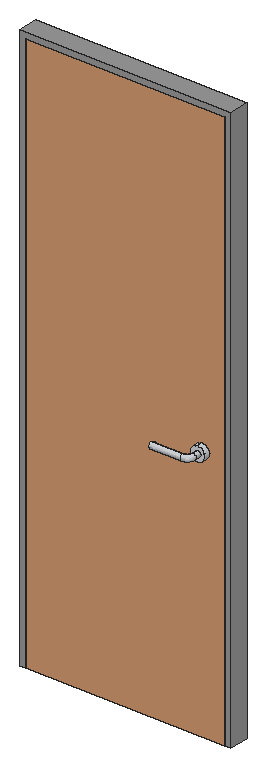
Revit family "- Enchapada Lucero", category Doors, host Wall, Revit 2018
Family settings
  Host = Wall
  OmniClass Number = 23.30.10.00
  OmniClass Title = Doors
  Always vertical = Yes
  Cut with Voids When Loaded = No
  Shared = No
  Room Calculation Point = No
Parameters (values of type "- 70 x 200 cm")
  Set de Marcos = ""
  Relleno = ""
  Material Marco = - Perfil Aluminio
  Material Hoja = - Mara Clara
  Manilla = - Manilla
  Hojas = "Simple de Abatir"
  Function = Interior
  Frame Projection Ext. = 2.50 cm
  Frame Projection Int. = 2.50 cm
  Frame Width = 7.50 cm
  Height = 200.00 cm
  Wall Closure = By host
  Width = 74.00 cm
  Distancia a Cara Interior = 6.00 cm
  Bisagras = ""
  Ancho Hoja = Width - 4.00 cm  # 70.00 cm
  Ancho = Width  # 74.00 cm
  Analytic Construction = "<None>"
  Alto = Height  # 200.00 cm
Types (12, lengths in cm): name | Material Hoja | Height | Width | Ancho Hoja | Ancho | Alto
  - 70 x 200 cm | - Mara Clara | 200.00 | 74.00 | 70.00 | 74.00 | 200.00
  - 75 x 200 cm | none | 200.00 | 79.00 | 75.00 | 79.00 | 200.00
  - 80 x 200 cm | none | 200.00 | 84.00 | 80.00 | 84.00 | 200.00
  - 85 x 200 cm | none | 200.00 | 89.00 | 85.00 | 89.00 | 200.00
  - 90 x 200 cm | none | 200.00 | 94.00 | 90.00 | 94.00 | 200.00
  -100 x 200 cm | none | 200.00 | 104.00 | 100.00 | 104.00 | 200.00
  - 70 x 210 cm | none | 210.00 | 74.00 | 70.00 | 74.00 | 210.00
  - 75 x 210 cm | none | 210.00 | 79.00 | 75.00 | 79.00 | 210.00
  - 80 x 210 cm | none | 210.00 | 84.00 | 80.00 | 84.00 | 210.00
  - 85 x 210 cm | none | 210.00 | 89.00 | 85.00 | 89.00 | 210.00
  - 90 x 210 cm | none | 210.00 | 94.00 | 90.00 | 94.00 | 210.00
  - 100 x 210 cm | - Mara Clara | 210.00 | 104.00 | 100.00 | 104.00 | 210.00
Reference planes (cm)
  plane 1: y = 0
  plane 2 "Center (Left/Right)": x = 0
  plane 3 "Left": x = -37
  plane 4 "Right": x = 37
  plane 5: z = 200
  plane 6 "Exterior": y = 7.5
  plane 7 "Interior": y = -7.5
  plane 8: y = -1.5
  plane 9: z = 198
  plane 10: x = -35
  plane 11: x = 35
Forms (cm)
  Sweep 1, solid, material "- Perfil Aluminio" <- "Material Marco"
    path origin (0, 7.5, 0) x (1, 0, 0) y (0, 0, 1)
      loop
        line (37, 0) -> (37, 200) -> (-37, 200) -> (-37, 0)
    profile origin (37, 7.5, 100) x (-1, 0, 0) y (0, -1, 0)
      loop
        line (0, 2) -> (3, 2) -> (3, 4.3) -> (2, 4.3) -> (2, 9) -> (0, 9) -> (0, 2)
  Extrusion 2, solid, material "- Mara Clara" <- "Material Hoja"
    sketch origin (0, 0, 0) x (1, 0, 0) y (0, 1, 0)
      loop
        line (-35, -1.5) -> (35, -1.5) -> (35, 3) -> (-35, 3) -> (-35, -1.5)
    from 0 to 198
  Sweep 3, solid, material "- Manilla" <- "Manilla", not visible
    path origin (5.8483, -7.5601, 0) x (1, 0, 0) y (0, 1, 0)
      loop
        line (22.1517, 15.0613) -> (32.1517, 15.0613)
        arc (32.1517, 15.0613) -> (33.5659, 14.4756) -> (34.1517, 13.0613) r 2
        line (34.1517, 13.0613) -> (34.1517, 11.0613)
    profile origin (33, 7.5012, 0) x (0, 1, 0) y (0, 0, 1)
      loop
        circle (0, 90) r 1
  Extrusion 4, solid, material "- Manilla" <- "Manilla", not visible
    sketch origin (0, 7.5, 0) x (1, 0, 0) y (0, 0, 1)
      loop
        circle (40, 90) r 2.5
    from 3.9988 to 5
Lines and regions (cm)
  Opening 1
    outline origin (-305, -7.5, 0) x (1, 0, 0) y (0, 0, 1)
      loop
        line (268, 0) -> (342, 0) -> (342, 200) -> (268, 200) -> (268, 0)
  symbolic lines, style "Elevation Swing"
    curve 1: line (37, -7.5, 100) -> (-37, -7.5, 200)
    curve 2: line (37, -7.5, 100) -> (-37, -7.5, 0)
    curve 7: arc (-30.5, -71.5, 0) -> (16.4246, -49.6941, 0) -> (35.2596, -1.5001, 0) r 69.4706
  symbolic lines
    curve 3: line (-35, -1.5, 0) -> (-35, -71.5, 0)
    curve 4: line (-30.5, -1.5, 0) -> (-35, -1.5, 0)
    curve 5: line (-30.5, -71.5, 0) -> (-30.5, -1.5, 0)
    curve 6: line (-35, -71.5, 0) -> (-30.5, -71.5, 0)
  model lines, not visible
    curve 8: line (-20, 3, 25) -> (20, 3, 25)
    curve 9: line (-20, 3, 65) -> (-20, 3, 25)
    curve 10: line (20, 3, 65) -> (8.6603, 3, 65)
    curve 11: line (20, 3, 25) -> (20, 3, 65)
    curve 12: line (-20, 3, 75) -> (-8.6603, 3, 75)
    curve 13: line (-20, 3, 75) -> (-20, 3, 169.9666)
    curve 14: line (20, 3, 75) -> (20, 3, 169.9666)
    curve 15: arc (-8.6603, 3, 65) -> (0, 3, 60) -> (8.6603, 3, 65) r 10
    curve 16: line (8.6603, 3, 75) -> (20, 3, 75)
    curve 17: line (-8.6603, 3, 65) -> (-20, 3, 65)
    curve 18: arc (8.6603, 3, 75) -> (0, 3, 80) -> (-8.6603, 3, 75) r 10
    curve 19: arc (14.9666, 3, 175) -> (0, 3, 183) -> (-14.9666, 3, 175) r 18
    curve 20: arc (-20, 3, 169.9666) -> (-16.4409, 3, 171.4409) -> (-14.9666, 3, 175) r 5.0334
    curve 21: arc (14.9666, 3, 175) -> (16.4409, 3, 171.4409) -> (20, 3, 169.9666) r 5.0334
    curve 22: line (-9.2195, 3, 64) -> (-19, 3, 64)
    curve 23: line (-19, 3, 64) -> (-19, 3, 26)
    curve 24: arc (9.2195, 3, 64) -> (0, 3, 59) -> (-9.2195, 3, 64) r 11
    curve 25: line (19, 3, 64) -> (9.2195, 3, 64)
    curve 26: line (19, 3, 26) -> (19, 3, 64)
    curve 27: line (-19, 3, 26) -> (19, 3, 26)
    curve 28: line (-18.9928, 3, 168.9932) -> (-18.9928, 3, 76)
    curve 29: arc (-13.9941, 3, 174.9045) -> (-15.4113, 3, 171.0338) -> (-18.9928, 3, 168.9932) r 5.9946
    curve 30: arc (13.9971, 3, 174.7848) -> (0.0327, 3, 182.1538) -> (-13.9941, 3, 174.9045) r 17.0542
    curve 31: arc (19, 3, 169.1276) -> (15.4988, 3, 171.072) -> (13.9971, 3, 174.7848) r 6.0089
    curve 32: line (19, 3, 76) -> (19, 3, 169.1276)
    curve 33: line (9.2195, 3, 76) -> (19, 3, 76)
    curve 34: arc (-9.2195, 3, 76) -> (0, 3, 81) -> (9.2195, 3, 76) r 11
    curve 35: line (-18.9928, 3, 76) -> (-9.2195, 3, 76)
    curve 36: arc (12.052, 3, 174.0667) -> (0.0498, 3, 180.1537) -> (-12.0243, 3, 174.2107) r 15.0542
    curve 37: arc (-12.0243, 3, 174.2107) -> (-13.561, 3, 170.1508) -> (-16.9928, 3, 167.4925) r 7.9946
    curve 38: line (-16.9928, 3, 167.4925) -> (-16.9928, 3, 78)
    curve 39: line (17, 3, 78) -> (17, 3, 167.6269)
    curve 40: arc (17, 3, 167.6269) -> (13.6492, 3, 170.1731) -> (12.052, 3, 174.0667) r 8.0089
    curve 41: line (-16.9928, 3, 78) -> (-10.247, 3, 78)
    curve 42: arc (-10.247, 3, 78) -> (0, 3, 83) -> (10.247, 3, 78) r 13
    curve 43: line (10.247, 3, 78) -> (17, 3, 78)
    curve 44: line (-10.247, 3, 62) -> (-17, 3, 62)
    curve 45: arc (10.247, 3, 62) -> (0, 3, 57) -> (-10.247, 3, 62) r 13
    curve 46: line (17, 3, 62) -> (10.247, 3, 62)
    curve 47: line (17, 3, 28) -> (17, 3, 62)
    curve 48: line (-17, 3, 28) -> (17, 3, 28)
    curve 49: line (-17, 3, 62) -> (-17, 3, 28)
    curve 50: line (-314, -1.5, 25) -> (-274, -1.5, 25)
    curve 51: line (-314, -1.5, 65) -> (-314, -1.5, 25)
    curve 52: line (-274, -1.5, 25) -> (-274, -1.5, 65)
    curve 53: line (-314, -1.5, 70) -> (-274, -1.5, 70)
    curve 54: line (-314, -1.5, 70) -> (-314, -1.5, 87)
    curve 55: line (-274, -1.5, 70) -> (-274, -1.5, 87)
    curve 56: line (-274, -1.5, 65) -> (-314, -1.5, 65)
    curve 57: line (-275, -1.5, 64) -> (-313, -1.5, 64)
    curve 58: line (-313, -1.5, 64) -> (-313, -1.5, 26)
    curve 59: line (-275, -1.5, 26) -> (-275, -1.5, 64)
    curve 60: line (-313, -1.5, 26) -> (-275, -1.5, 26)
    curve 61: line (-312.9928, -1.5, 86) -> (-312.9928, -1.5, 71)
    curve 62: line (-275, -1.5, 71) -> (-275, -1.5, 86)
    curve 63: line (-312.9928, -1.5, 71) -> (-275, -1.5, 71)
    curve 64: line (-310.9928, -1.5, 84) -> (-310.9928, -1.5, 73)
    curve 65: line (-277, -1.5, 73) -> (-277, -1.5, 84)
    curve 66: line (-310.9928, -1.5, 73) -> (-277, -1.5, 73)
    curve 67: line (-277, -1.5, 62) -> (-311, -1.5, 62)
    curve 68: line (-277, -1.5, 28) -> (-277, -1.5, 62)
    curve 69: line (-311, -1.5, 28) -> (-277, -1.5, 28)
    curve 70: line (-311, -1.5, 62) -> (-311, -1.5, 28)
    curve 71: line (-310.9928, -1.5, 84) -> (-277, -1.5, 84)
    curve 72: line (-314, -1.5, 87) -> (-274, -1.5, 87)
    curve 73: line (-312.9928, -1.5, 86) -> (-275, -1.5, 86)
    curve 74: line (-310.9928, -1.5, 84) -> (-277, -1.5, 84)
    curve 75: line (-314, -1.5, 97) -> (-274, -1.5, 97)
    curve 76: line (-314, -1.5, 185) -> (-314, -1.5, 97)
    curve 77: line (-274, -1.5, 97) -> (-274, -1.5, 185)
    curve 78: line (-274, -1.5, 185) -> (-314, -1.5, 185)
    curve 79: line (-275, -1.5, 184) -> (-313, -1.5, 184)
    curve 80: line (-313, -1.5, 184) -> (-313, -1.5, 98)
    curve 81: line (-275, -1.5, 98) -> (-275, -1.5, 184)
    curve 82: line (-313, -1.5, 98) -> (-275, -1.5, 98)
    curve 83: line (-277, -1.5, 182) -> (-311, -1.5, 182)
    curve 84: line (-277, -1.5, 100) -> (-277, -1.5, 182)
    curve 85: line (-311, -1.5, 100) -> (-277, -1.5, 100)
    curve 86: line (-311, -1.5, 182) -> (-311, -1.5, 100)
    curve 87: line (-320, 3, 25) -> (-280, 3, 25)
    curve 88: line (-320, 3, 65) -> (-320, 3, 25)
    curve 89: line (-280, 3, 25) -> (-280, 3, 65)
    curve 90: line (-320, 3, 72.5) -> (-280, 3, 72.5)
    curve 91: line (-280, 3, 65) -> (-320, 3, 65)
    curve 92: line (-281, 3, 64) -> (-319, 3, 64)
    curve 93: line (-319, 3, 64) -> (-319, 3, 26)
    curve 94: line (-281, 3, 26) -> (-281, 3, 64)
    curve 95: line (-319, 3, 26) -> (-281, 3, 26)
    curve 96: line (-319, 3, 73.5) -> (-281, 3, 73.5)
    curve 97: line (-317, 3, 75.5) -> (-283, 3, 75.5)
    curve 98: line (-283, 3, 62) -> (-317, 3, 62)
    curve 99: line (-283, 3, 28) -> (-283, 3, 62)
    curve 100: line (-317, 3, 28) -> (-283, 3, 28)
    curve 101: line (-317, 3, 62) -> (-317, 3, 28)
    curve 102: line (-320, 3, 179.3431) -> (-320, 3, 72.5)
    curve 103: line (-280, 3, 72.5) -> (-280, 3, 179.3431)
    curve 104: line (-319, 3, 178.3431) -> (-319, 3, 73.5)
    curve 105: line (-281, 3, 73.5) -> (-281, 3, 178.3431)
    curve 106: line (-283, 3, 75.5) -> (-283, 3, 176.3431)
    curve 107: line (-317, 3, 176.3431) -> (-317, 3, 75.5)
    curve 108: arc (-292, 3, 181) -> (-300, 3, 185) -> (-308, 3, 181) r 10
    curve 109: arc (-292, 3, 181) -> (-290.1648, 3, 179.7737) -> (-288, 3, 179.3431) r 5.6569
    curve 110: arc (-308, 3, 181) -> (-309.8352, 3, 179.7737) -> (-312, 3, 179.3431) r 5.6569
    curve 111: line (-288, 3, 179.3431) -> (-280, 3, 179.3431)
    curve 112: line (-312, 3, 179.3431) -> (-320, 3, 179.3431)
    curve 113: line (-281, 3, 178.3431) -> (-288, 3, 178.3431)
    curve 114: arc (-288, 3, 178.3431) -> (-290.5825, 3, 178.8645) -> (-292.7604, 3, 180.3468) r 6.6569
    curve 115: arc (-292.7604, 3, 180.3468) -> (-300, 3, 184) -> (-307.2396, 3, 180.3468) r 9
    curve 116: arc (-307.2396, 3, 180.3468) -> (-309.4175, 3, 178.8645) -> (-312, 3, 178.3431) r 6.6569
    curve 117: line (-312, 3, 178.3431) -> (-319, 3, 178.3431)
    curve 118: line (-283, 3, 176.3431) -> (-288, 3, 176.3431)
    curve 119: arc (-288, 3, 176.3431) -> (-291.43, 3, 177.0516) -> (-294.2985, 3, 179.0611) r 8.6569
    curve 120: arc (-294.2985, 3, 179.0611) -> (-300, 3, 182) -> (-305.7015, 3, 179.0611) r 7
    curve 121: arc (-305.7015, 3, 179.0611) -> (-308.57, 3, 177.0516) -> (-312, 3, 176.3431) r 8.6569
    curve 122: line (-312, 3, 176.3431) -> (-317, 3, 176.3431)
    curve 123: line (302, -1.5, 25) -> (342, -1.5, 25)
    curve 124: line (302, -1.5, 65) -> (302, -1.5, 25)
    curve 125: line (342, -1.5, 25) -> (342, -1.5, 65)
    curve 126: line (302, -1.5, 77.5) -> (342, -1.5, 77.5)
    curve 127: line (342, -1.5, 65) -> (302, -1.5, 65)
    curve 128: line (341, -1.5, 64) -> (303, -1.5, 64)
    curve 129: line (303, -1.5, 64) -> (303, -1.5, 26)
    curve 130: line (341, -1.5, 26) -> (341, -1.5, 64)
    curve 131: line (303, -1.5, 26) -> (341, -1.5, 26)
    curve 132: line (303, -1.5, 78.5) -> (341, -1.5, 78.5)
    curve 133: line (304.9998, -1.5, 80.5) -> (339.0011, -1.5, 80.5)
    curve 134: line (339, -1.5, 62) -> (305, -1.5, 62)
    curve 135: line (339, -1.5, 28) -> (339, -1.5, 62)
    curve 136: line (305, -1.5, 28) -> (339, -1.5, 28)
    curve 137: line (305, -1.5, 62) -> (305, -1.5, 28)
    curve 138: line (302, -1.5, 185) -> (302, -1.5, 77.5)
    curve 139: line (342, -1.5, 77.5) -> (342, -1.5, 185)
    curve 140: line (303, -1.5, 184) -> (303, -1.5, 78.5)
    curve 141: line (341, -1.5, 78.5) -> (341, -1.5, 184)
    curve 142: line (339.0011, -1.5, 80.5) -> (339.0011, -1.5, 182)
    curve 143: line (304.9998, -1.5, 182) -> (304.9998, -1.5, 80.5)
    curve 144: line (306, 3, 25) -> (346, 3, 25)
    curve 145: line (306, 3, 65) -> (306, 3, 25)
    curve 146: line (346, 3, 25) -> (346, 3, 65)
    curve 147: line (306, 3, 77.5) -> (346, 3, 77.5)
    curve 148: line (346, 3, 65) -> (306, 3, 65)
    curve 149: line (345, 3, 64) -> (307, 3, 64)
    curve 150: line (307, 3, 64) -> (307, 3, 26)
    curve 151: line (345, 3, 26) -> (345, 3, 64)
    curve 152: line (307, 3, 26) -> (345, 3, 26)
    curve 153: line (307, 3, 78.5) -> (345, 3, 78.5)
    curve 154: line (308.9998, 3, 80.5) -> (343.0011, 3, 80.5)
    curve 155: line (343, 3, 62) -> (309, 3, 62)
    curve 156: line (343, 3, 28) -> (343, 3, 62)
    curve 157: line (309, 3, 28) -> (343, 3, 28)
    curve 158: line (309, 3, 62) -> (309, 3, 28)
    curve 159: line (306, 3, 185) -> (306, 3, 77.5)
    curve 160: line (346, 3, 77.5) -> (346, 3, 185)
    curve 161: line (307, 3, 184) -> (307, 3, 78.5)
    curve 162: line (345, 3, 78.5) -> (345, 3, 184)
    curve 163: line (343.0011, 3, 80.5) -> (343.0011, 3, 182)
    curve 164: line (308.9998, 3, 182) -> (308.9998, 3, 80.5)
    curve 165: line (346, 3, 185) -> (306, 3, 185)
    curve 166: line (345, 3, 184) -> (307, 3, 184)
    curve 167: line (343.0011, 3, 182) -> (308.9998, 3, 182)
    curve 168: line (302, -1.5, 185) -> (342, -1.5, 185)
    curve 169: line (341, -1.5, 184) -> (303, -1.5, 184)
    curve 170: line (339.0011, -1.5, 182) -> (304.9998, -1.5, 182)
    curve 171: line (24, 7.5, 179) -> (-49, 7.5, 179)
    curve 172: line (24, 7.5, 178) -> (-49, 7.5, 178)
    curve 175: line (-49, 7.5, 178.5) -> (-48.8, 7.5, 178.5)
  model lines
    curve 173: line (-34, 7.5, 34.5) -> (-33.8, 7.5, 34.5)
    curve 174: line (-34, 7.5, 172.5) -> (-33.8, 7.5, 172.5)
    curve 176: line (-34, 7.5, 138) -> (-33.8, 7.5, 138)
    curve 177: line (-34, 7.5, 103.5) -> (-33.8, 7.5, 103.5)
    curve 178: line (-34, 7.5, 69) -> (-33.8, 7.5, 69)
    curve 179: line (-35, -1.5, 165) -> (35, -1.5, 165)
    curve 180: line (-35, -1.5, 33) -> (35, -1.5, 33)
    curve 181: line (-35, -1.5, 66) -> (35, -1.5, 66)
    curve 182: line (-35, -1.5, 99) -> (35, -1.5, 99)
    curve 183: line (-35, -1.5, 132) -> (35, -1.5, 132)
    curve 184: line (34, 3, 173.3333) -> (-34, 3, 173.3333)
    curve 185: line (34, 3, 138.6667) -> (-34, 3, 138.6667)
    curve 186: line (34, 3, 104) -> (-34, 3, 104)
    curve 187: line (34, 3, 69.3333) -> (-34, 3, 69.3333)
    curve 188: line (34, 3, 34.6667) -> (-34, 3, 34.6667)
Text (cm)
  text "Exterior" at (-229.5016, 109.9543, 0), in view "Ref. Level"
  text "Exterior" at (0, 161.538, 369.8081), in view "Left"
  text "Exterior" at (0, 103.6032, 387.4932), in view "Right"
Dimensions and locks (cm)
  equal spacing: plane 3 "Left", plane 2 "Center (Left/Right)", plane 4 "Right"
  "Width": plane 3 "Left" to plane 4 "Right"
  "Height": plane 5 to host wall
  equal spacing: host wall, curve 2, plane 5
  host wall to plane 5 = 200.00 cm
  locked: plane 6 "Exterior" to host wall at 0
  locked: plane 7 "Interior" to host wall
  "Distancia a Cara Interior": plane 7 "Interior" to plane 8
  locked: Sweep 1 sketch curve to Sweep 1 sketch curve at 7
  locked: plane 9 to plane 5 at 2
  locked: curve 3 to curve 5 at 4.5
  locked: plane 3 "Left" to plane 10 at 2
  locked: plane 11 to plane 4 "Right" at 2
  "Ancho Hoja": curve 6 to curve 4
  locked: Extrusion 2 sketch curve to Extrusion 2 sketch curve at 4.5
  locked: nested 1 to plane 4 "Right" at 10
  level to nested 1 = 90.00 cm
  locked: nested 2 to plane 4 "Right" at 10
  locked: nested 2 to level at 90
  locked: Sweep 1 sketch curve to Sweep 1 sketch curve at 2.3
  equal spacing: plane 9, curve 179, curve 183, curve 182, curve 181, curve 180, level
  aligned and locked: plane 3 "Left" to Opening 1 sketch curve
  aligned and locked: plane 5 to Opening 1 sketch curve  (x2)
  aligned and locked: Opening 1 sketch curve to plane 4 "Right"
  aligned and locked: Opening 1 sketch curve to level
  aligned and locked: plane 5 to curve 1
  aligned and locked: plane 3 "Left" to curve 2
  aligned and locked: plane 1 to host wall
  aligned and locked: plane 3 "Left" to curve 1
  aligned and locked: plane 8 to Sweep 1 sketch curve
  aligned and locked: Extrusion 2 sketch curve to plane 8
  aligned and locked: Sweep 1 to level
  aligned and locked: plane 10 to curve 3
  aligned and locked: Sweep 3 to Extrusion 4
  aligned and locked: Extrusion 2 to plane 9
Automatic sketch dimensions
  curve 7 to plane 8 = 0.0001 cm
  curve 7 to plane 11 = 0.2596 cm
  curve 4 to plane 8 = 0.00 cm
  curve 7 to plane 10 = 0.7919 cm
  Sweep 3 sketch curve to Sweep 3 sketch curve = 10.00 cm
  Sweep 3 sketch curve to Sweep 3 sketch curve = 2.00 cm  (x2)
  Sweep 3 sketch curve to profile plane = 0.00 cm
  profile plane to Sweep 3 sketch curve = 90.00 cm
  Extrusion 2 sketch curve to plane 10 = 0.00 cm
  Extrusion 2 sketch curve to plane 11 = 0.00 cm
  curve 15 to curve 18 = 0.00 cm  (x4)
  curve 15 to curve 24 = 0.00 cm  (x4)
  curve 15 to curve 34 = 0.00 cm  (x4)
  curve 15 to curve 42 = 0.00 cm  (x4)
  curve 15 to curve 45 = 0.00 cm  (x4)
  curve 29 to curve 37 = 0.00 cm  (x4)
  curve 30 to curve 36 = 0.00 cm  (x4)
  curve 31 to curve 40 = 0.00 cm  (x4)
  curve 8 to curve 31 = 0.00 cm
  curve 21 to curve 31 = 0.00 cm
  curve 14 to curve 32 = 1.00 cm
  curve 10 to curve 26 = 1.00 cm
  curve 26 to curve 47 = 2.00 cm
  curve 32 to curve 39 = 2.00 cm
  curve 46 to curve 46 = 6.753 cm
  curve 39 to curve 43 = 6.753 cm
  curve 42 to curve 33 = 1.0274 cm
  curve 45 to curve 25 = 1.0274 cm
  curve 33 to curve 16 = 0.5593 cm
  curve 24 to curve 10 = 0.5593 cm
  curve 16 to curve 24 = 8.6603 cm
  curve 39 to curve 19 = 17.00 cm
  curve 19 to curve 36 = 0.0402 cm
  curve 15 to curve 12 = 8.6603 cm
  curve 15 to curve 17 = 8.6603 cm
  curve 15 to curve 22 = 0.5593 cm
  curve 12 to curve 35 = 0.5593 cm
  curve 22 to curve 44 = 1.0274 cm
  curve 34 to curve 41 = 1.0274 cm
  curve 41 to curve 38 = 6.7459 cm
  curve 47 to curve 48 = 34.00 cm
  curve 38 to curve 35 = 2.00 cm
  curve 44 to curve 22 = 2.00 cm
  curve 28 to curve 29 = 0.9959 cm
  curve 29 to curve 20 = 0.0113 cm
  curve 22 to curve 17 = 1.00 cm
  curve 8 to curve 26 = 1.00 cm
  curve 23 to curve 49 = 2.00 cm
  curve 48 to curve 49 = 34.00 cm
  curve 45 to curve 25 = 2.00 cm
  curve 25 to curve 10 = 1.00 cm
  curve 10 to curve 45 = 5.00 cm
  curve 10 to curve 16 = 10.00 cm
  curve 12 to curve 35 = 1.00 cm
  curve 34 to curve 41 = 2.00 cm
  curve 41 to curve 19 = 87.00 cm
  curve 19 to curve 30 = 0.0997 cm
  curve 36 to curve 38 = 2.3928 cm
  curve 19 to curve 39 = 2.6269 cm
  curve 37 to curve 28 = 1.5007 cm
  curve 39 to curve 32 = 1.5007 cm
  curve 28 to curve 13 = 0.9734 cm
  curve 31 to curve 14 = 0.839 cm
  curve 13 to curve 29 = 4.9378 cm
  curve 29 to curve 20 = 0.0955 cm
  curve 21 to curve 40 = 0.0527 cm
  curve 31 to curve 36 = 1.9451 cm
  curve 55 to curve 62 = 1.4142 cm
  curve 59 to curve 68 = 2.8284 cm
  curve 62 to curve 65 = 2.8284 cm
  curve 53 to curve 63 = 1.4142 cm
  curve 57 to curve 67 = 2.8284 cm
  curve 66 to curve 64 = 33.9928 cm
  curve 68 to curve 69 = 34.00 cm
  curve 64 to curve 63 = 2.8284 cm
  curve 67 to curve 57 = 2.8284 cm
  curve 57 to curve 56 = 1.4142 cm
  curve 50 to curve 59 = 1.4142 cm
  curve 58 to curve 70 = 2.8284 cm
  curve 69 to curve 70 = 34.00 cm  (x2)
  curve 53 to curve 63 = 1.4193 cm
  curve 65 to curve 62 = 2.8284 cm
  curve 61 to curve 54 = 1.4193 cm
  curve 18 to curve 24 = 0.00 cm  (x2)
  curve 18 to curve 34 = 0.00 cm  (x2)
  curve 18 to curve 42 = 0.00 cm  (x2)
  curve 18 to curve 45 = 0.00 cm  (x2)
  curve 24 to curve 34 = 0.00 cm  (x2)
  curve 24 to curve 42 = 0.00 cm  (x2)
  curve 24 to curve 45 = 0.00 cm  (x2)
  curve 34 to curve 42 = 0.00 cm  (x2)
  curve 34 to curve 45 = 0.00 cm  (x2)
  curve 42 to curve 45 = 0.00 cm  (x2)
  curve 72 to curve 51 = 0.00 cm
  curve 75 to curve 54 = 0.00 cm
  curve 76 to curve 79 = 1.00 cm
  curve 51 to curve 57 = 1.00 cm
  curve 53 to curve 63 = 1.0072 cm
  curve 79 to curve 86 = 2.00 cm
  curve 58 to curve 70 = 2.00 cm
  curve 61 to curve 66 = 2.00 cm
  curve 64 to curve 65 = 33.9928 cm
  curve 69 to curve 69 = 34.00 cm
  curve 85 to curve 65 = 0.00 cm
  curve 68 to curve 60 = 2.00 cm
  curve 65 to curve 63 = 2.00 cm
  curve 84 to curve 82 = 2.00 cm
  curve 62 to curve 55 = 1.00 cm
  curve 57 to curve 56 = 1.00 cm  (x2)
  curve 79 to curve 78 = 1.00 cm  (x2)
  curve 50 to curve 59 = 1.00 cm
  curve 59 to curve 68 = 2.00 cm
  curve 67 to curve 57 = 2.00 cm
  curve 52 to curve 53 = 5.00 cm
  curve 53 to curve 63 = 1.00 cm
  curve 62 to curve 66 = 2.00 cm
  curve 65 to curve 71 = 11.00 cm
  curve 65 to curve 62 = 2.00 cm
  curve 62 to curve 72 = 1.00 cm
  curve 55 to curve 75 = 10.00 cm
  curve 75 to curve 82 = 1.00 cm
  curve 81 to curve 84 = 2.00 cm
  curve 84 to curve 84 = 82.00 cm
  curve 83 to curve 79 = 2.00 cm
  curve 87 to curve 90 = 0.00 cm
  curve 103 to curve 105 = 1.00 cm
  curve 89 to curve 92 = 1.00 cm
  curve 105 to curve 106 = 2.00 cm
  curve 92 to curve 99 = 2.00 cm
  curve 98 to curve 98 = 34.00 cm
  curve 106 to curve 107 = 34.00 cm
  curve 97 to curve 96 = 2.00 cm
  curve 98 to curve 92 = 2.00 cm
  curve 96 to curve 102 = 1.00 cm
  curve 92 to curve 91 = 1.00 cm
  curve 87 to curve 94 = 1.00 cm
  curve 94 to curve 99 = 2.00 cm
  curve 100 to curve 101 = 34.00 cm
  curve 98 to curve 93 = 2.00 cm
  curve 92 to curve 89 = 1.00 cm
  curve 89 to curve 103 = 7.50 cm
  curve 90 to curve 105 = 1.00 cm
  curve 96 to curve 106 = 2.00 cm
  curve 97 to curve 107 = 100.8431 cm
  curve 106 to curve 107 = 0.00 cm
  curve 106 to curve 105 = 2.00 cm
  curve 105 to curve 103 = 1.00 cm
  curve 123 to curve 126 = 52.50 cm
  curve 139 to curve 141 = 1.4142 cm
  curve 125 to curve 128 = 1.4142 cm
  curve 141 to curve 142 = 2.8276 cm
  curve 128 to curve 135 = 2.8284 cm
  curve 134 to curve 134 = 34.00 cm
  curve 142 to curve 143 = 34.0013 cm  (x2)
  curve 133 to curve 132 = 2.8283 cm
  curve 134 to curve 128 = 2.8284 cm
  curve 132 to curve 138 = 1.4142 cm
  curve 128 to curve 127 = 1.4142 cm
  curve 123 to curve 130 = 1.4142 cm
  curve 130 to curve 135 = 2.8284 cm
  curve 136 to curve 137 = 34.00 cm  (x2)
  curve 134 to curve 129 = 2.8284 cm
  curve 128 to curve 125 = 1.4142 cm
  curve 125 to curve 139 = 12.50 cm
  curve 126 to curve 141 = 1.4142 cm
  curve 132 to curve 142 = 2.8276 cm
  curve 133 to curve 143 = 101.50 cm
  curve 142 to curve 141 = 2.8276 cm
  curve 143 to curve 140 = 2.8283 cm
  curve 141 to curve 139 = 1.4142 cm
  curve 140 to curve 138 = 1.4142 cm
  curve 108 to curve 115 = 0.00 cm  (x4)
  curve 108 to curve 120 = 0.00 cm  (x4)
  curve 109 to curve 114 = 0.00 cm  (x3)
  curve 109 to curve 119 = 0.00 cm  (x4)
  curve 110 to curve 116 = 0.00 cm  (x3)
  curve 110 to curve 121 = 0.00 cm  (x3)
  curve 114 to curve 119 = 0.00 cm  (x3)
  curve 116 to curve 121 = 0.00 cm  (x4)
  curve 106 to curve 111 = 5.00 cm
  curve 118 to curve 115 = 12.00 cm
  curve 110 to curve 104 = 7.00 cm
  curve 115 to curve 106 = 1.3431 cm
  curve 122 to curve 117 = 2.00 cm
  curve 117 to curve 112 = 1.00 cm
  curve 110 to curve 121 = 5.6569 cm
  curve 111 to curve 109 = 5.6569 cm
  curve 109 to curve 109 = 4.00 cm
  curve 108 to curve 115 = 0.7604 cm
  curve 115 to curve 119 = 1.5381 cm
  curve 115 to curve 120 = 0.00 cm  (x2)
  curve 144 to curve 147 = 52.50 cm
  curve 160 to curve 162 = 1.4142 cm
  curve 146 to curve 149 = 1.4142 cm
  curve 162 to curve 163 = 2.8276 cm
  curve 149 to curve 156 = 2.8284 cm
  curve 155 to curve 155 = 34.00 cm  (x2)
  curve 163 to curve 164 = 34.0013 cm  (x3)
  curve 154 to curve 153 = 2.8283 cm
  curve 155 to curve 149 = 2.8284 cm
  curve 153 to curve 159 = 1.4142 cm
  curve 149 to curve 148 = 1.4142 cm
  curve 144 to curve 151 = 1.4142 cm  (x2)
  curve 151 to curve 156 = 2.8284 cm  (x2)
  curve 157 to curve 158 = 34.00 cm  (x3)
  curve 155 to curve 150 = 2.8284 cm  (x2)
  curve 149 to curve 146 = 1.4142 cm  (x2)
  curve 146 to curve 160 = 12.50 cm  (x3)
  curve 147 to curve 162 = 1.4142 cm
  curve 153 to curve 163 = 2.8276 cm
  curve 154 to curve 164 = 101.50 cm  (x2)
  curve 163 to curve 162 = 2.8276 cm  (x2)
  curve 164 to curve 161 = 2.8283 cm
  curve 162 to curve 160 = 1.4142 cm
  curve 161 to curve 159 = 1.4142 cm
  curve 159 to curve 145 = 120.00 cm
  curve 147 to curve 161 = 1.4142 cm
  curve 145 to curve 149 = 1.4142 cm
  curve 150 to curve 158 = 2.8284 cm
  curve 153 to curve 154 = 2.8283 cm
  curve 155 to curve 163 = 18.50 cm
  curve 156 to curve 152 = 2.8284 cm
  curve 153 to curve 160 = 1.4142 cm
  curve 151 to curve 144 = 1.4142 cm
  curve 147 to curve 153 = 1.4142 cm
  curve 153 to curve 164 = 2.8283 cm
  curve 144 to curve 147 = 0.00 cm
  curve 147 to curve 153 = 1.00 cm  (x2)
  curve 146 to curve 149 = 1.00 cm
  curve 162 to curve 163 = 1.9989 cm
  curve 149 to curve 156 = 2.00 cm
  curve 155 to curve 158 = 34.00 cm
  curve 164 to curve 161 = 1.9998 cm
  curve 155 to curve 149 = 2.00 cm
  curve 150 to curve 145 = 1.00 cm
  curve 153 to curve 147 = 1.00 cm
  curve 144 to curve 151 = 1.00 cm
  curve 151 to curve 156 = 2.00 cm
  curve 155 to curve 150 = 2.00 cm
  curve 149 to curve 148 = 1.00 cm
  curve 153 to curve 154 = 2.00 cm
  curve 164 to curve 161 = 2.00 cm
  curve 161 to curve 159 = 1.00 cm
  curve 168 to curve 124 = 0.00 cm
  curve 126 to curve 132 = 1.00 cm  (x2)
  curve 124 to curve 128 = 1.00 cm
  curve 132 to curve 143 = 1.9998 cm
  curve 129 to curve 137 = 2.00 cm
  curve 134 to curve 135 = 34.00 cm
  curve 134 to curve 133 = 0.0011 cm
  curve 134 to curve 130 = 2.00 cm  (x2)
  curve 133 to curve 132 = 1.9989 cm
  curve 141 to curve 139 = 1.00 cm
  curve 128 to curve 125 = 1.00 cm
  curve 123 to curve 130 = 1.00 cm
  curve 130 to curve 136 = 2.00 cm
  curve 128 to curve 127 = 1.00 cm
  curve 124 to curve 138 = 12.50 cm
  curve 132 to curve 143 = 2.00 cm
  curve 133 to curve 168 = 104.50 cm
  curve 142 to curve 141 = 2.00 cm
  curve 169 to curve 139 = 1.00 cm
  curve 173 to curve 173 = 0.20 cm
  curve 174 to curve 174 = 0.20 cm  (x2)
  curve 175 to curve 175 = 0.20 cm
  curve 175 to curve 172 = 72.80 cm
  curve 171 to curve 172 = 0.00 cm  (x2)
  curve 172 to curve 175 = 0.50 cm
  curve 175 to curve 171 = 0.50 cm
  curve 175 to curve 172 = 0.00 cm
  curve 176 to curve 176 = 0.20 cm  (x2)
  curve 177 to curve 177 = 0.20 cm  (x2)
  curve 178 to curve 178 = 0.20 cm  (x2)
  curve 2 to level = 0.00 cm
  plane 4 "Right" to curve 2 = 0.00 cm
  plane 3 "Left" to Sweep 1 sketch curve = 0.00 cm
  plane 4 "Right" to Sweep 1 sketch curve = 0.00 cm
  Sweep 1 sketch curve to level = 0.00 cm  (x2)
  Sweep 1 sketch curve to plane 5 = 0.00 cm
  Sweep 1 sketch curve to profile plane = 0.00 cm
  Sweep 1 sketch curve to profile plane = 2.00 cm
  Sweep 1 sketch curve to Sweep 1 sketch curve = 1.00 cm
  curve 173 to plane 10 = 1.00 cm
  curve 173 to plane 10 = 1.20 cm
  level to curve 173 = 34.50 cm
  curve 178 to plane 10 = 1.00 cm
  level to curve 178 = 69.00 cm
  curve 176 to plane 10 = 1.00 cm
  curve 177 to plane 10 = 1.00 cm
  curve 174 to plane 10 = 1.00 cm
  curve 178 to curve 177 = 34.50 cm
  curve 177 to curve 176 = 34.50 cm
  plane 9 to curve 174 = 25.50 cm
  Extrusion 2 to curve 184 = 1.00 cm
  Extrusion 2 to curve 187 = 1.00 cm
  Extrusion 2 to curve 185 = 1.00 cm
  Extrusion 2 to curve 186 = 1.00 cm
  Extrusion 2 to curve 188 = 1.00 cm
  curve 184 to Extrusion 2 = 1.00 cm
  curve 187 to Extrusion 2 = 1.00 cm
  curve 186 to Extrusion 2 = 1.00 cm
  curve 185 to Extrusion 2 = 1.00 cm
  curve 188 to Extrusion 2 = 1.00 cm
  Extrusion 2 to curve 188 = 34.6667 cm
  curve 188 to curve 187 = 34.6667 cm
  curve 187 to curve 186 = 34.6667 cm
  curve 186 to curve 185 = 34.6667 cm
  curve 185 to curve 184 = 34.6667 cm
  curve 179 to Extrusion 2 = 0.00 cm
  curve 182 to Extrusion 2 = 0.00 cm
  curve 180 to Extrusion 2 = 0.00 cm
  curve 181 to Extrusion 2 = 0.00 cm
  curve 183 to Extrusion 2 = 0.00 cm
  Extrusion 2 to curve 179 = 0.00 cm
  Extrusion 2 to curve 182 = 0.00 cm
  Extrusion 2 to curve 181 = 0.00 cm
  Extrusion 2 to curve 180 = 0.00 cm
  Extrusion 2 to curve 183 = 0.00 cm
  radius of Sweep 3 sketch curve = 1.00 cm
  radius of Extrusion 4 sketch curve = 2.50 cm
Nested families (cm)
  nested 1: "- Manilla Generica Puerta" at (27, 3, 90) x (0, 0, -1) z (0, 1, 0), type "- Manilla Generica Puerta"
  nested 2: "- Manilla Generica Puerta" at (27, -1.5, 90) x (0, 0, -1) z (0, -1, 0), type "- Manilla Generica Puerta"
Definition of nested family "- Manilla Generica Puerta"
  Parameters (values of type "- Manilla Generica Puerta")
    Manilla = none
    Default Elevation = 121.92 cm
  Reference planes (cm)
    plane 1 "Center (Front/Back)": y = 0
    plane 2: z = 0
    plane 3 "Center (Left/Right)": x = 0
    plane 4: z = 2
  Forms (cm)
    Extrusion 1, solid
      sketch origin (0, 0, 0) x (1, 0, 0) y (0, 1, 0)
        loop
          line (-121.92, 121.92) -> (-121.92, -121.92) -> (121.92, -121.92) -> (121.92, 121.92) -> (-121.92, 121.92)
      from 0 to -30.48
    Extrusion 2, solid, material <- "Manilla"
      sketch origin (0, 0, 0) x (1, 0, 0) y (0, 1, 0)
        loop
          circle (0, 0) r 2.5
      from 0 to 2
    Sweep 3, solid, material <- "Manilla"
      path origin (0, 0, 0) x (0, 1, 0) y (0, 0, 1)
        loop
          line (0, 2) -> (0, 4)
          arc (0, 4) -> (0.5858, 5.4142) -> (2, 6) r 2
          line (2, 6) -> (13, 6)
      profile origin (0, 0, 3) x (0, -1, 0) y (1, 0, 0)
        loop
          circle (0, 0) r 1
  Dimensions and locks (cm)
    locked: Extrusion 2 to Extrusion 2 at 2
    locked: plane 4 to level at 2
    aligned and locked: plane 2 to Extrusion 1
    aligned and locked: level to Extrusion 1
    aligned and locked: plane 4 to Sweep 3
